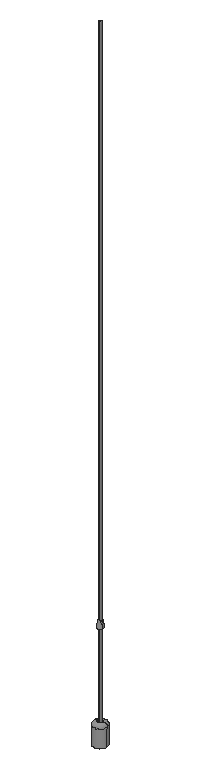
Revit family "Koura 500", category Lighting Fixtures, host Ceiling, Revit 2017
Family settings
  Host = Ceiling
  Round Connector Dimension = Use Diameter
  Part Type = Normal
  OmniClass Number = 23.80.70.11
  OmniClass Title = Luminaries for Internal Lighting
  Always vertical = Yes
  Cut with Voids When Loaded = No
  Light Source = Yes
  Shared = No
  Room Calculation Point = No
Parameters (values of type "Generic")
  Wattage Comments = "Max. 60 Watts. 110V(US) / 230-240V(EU). Lamp NOT provided."
  Wattage = 6.7321 W
  built-in parameter 1150110 = 1 (stored number, unit not read)
  URL = "https://www.davidtrubridge.com"
  Type Comments = "Ceilig Rose required, contact supplier for options."
  built-in parameter 1114217 = 1 (stored number, unit not read)
  built-in parameter 1150109 = 1 (stored number, unit not read)
  built-in parameter 1150134 = (empty or 0)
  Suspension Top [instance] = Suspension Lamp - 365 mm  # 1635 mm
  built-in parameter 1150113 = 1 (stored number, unit not read)
  Model = "Koura 500"
  Manufacturer = "David Trubridge"
  Lumens = 1000 lm
  built-in parameter 1150115 = 1 (stored number, unit not read)
  built-in parameter 1150105 = 79.577 (stored number, unit not read)
  Suspension Lamp [instance] = 2000 mm
  Light Source Symbol Size = 200 mm
  built-in parameter 1150137 = (empty or 0)
  built-in parameter 1150139 = (empty or 0)
  Lamp Wattage = 0 W
  built-in parameter 1150112 = 1 (stored number, unit not read)
  built-in parameter 1150114 = 1 (stored number, unit not read)
  Lamp = "E14 (EU) / E26 (USA)"
  built-in parameter 1150132 = 2
  built-in parameter 1150102 = (empty or 0)
  built-in parameter 1150138 = (empty or 0)
  built-in parameter 1150107 = 3000 (stored number, unit not read)
  built-in parameter 1150106 = 0.79577 (stored number, unit not read)
  built-in parameter 1150104 = 13.8 (stored number, unit not read)
  Dimming Lamp Color Temperature Shift = <None>
  Description = "Pendant in bamboo plywood. Can be made in a large range of colours. Lamp is not supplied"
  Cordset Material = Plastic, Opaque White
  Color Filter = 16777215
  built-in parameter 1114218 = 1 (stored number, unit not read)
  built-in parameter 1150133 = 10 (stored number, unit not read)
  Apparent Load = 0 VA
Reference planes
  plane 1 "Light Source Axis (F/B)": y = 0
  plane 2: z = 0
  plane 3 "Light Source Axis (L/R)": x = 0
  plane 4 "Ceiling": z = 4000
  plane 5 "Light Source Elevation": z = 2000
  plane 6 "Top of pendant": z = 2365
  plane 7 "Light Socket": z = 2050
  plane 8 "Outer edge": x = -150
  plane 9 "Outer Edge": x = 150
  plane 10 "Bottom of Pendant": z = 1855
Forms (mm)
  Revolve 1, solid, material "Plastic, Opaque White" <- "Cordset Material"
    sketch origin (0, 0, -205) x (1, 0, 0) y (0, 0, 1)
      loop
        line (0, 2317) -> (0, 2255) -> (20, 2255) -> (20, 2307)
        arc (20, 2307) -> (17.071, 2314.071) -> (10, 2317) r 10
        line (10, 2317) -> (0, 2317)
      axis (0, 2255) -> (0, 2317)
    angle from 0 to 360
  Extrusion 2, solid, material "Plastic, Opaque White" <- "Cordset Material"
    sketch origin (0, 0, 3200) x (0, 1, 0) y (-1, 0, 0)
      loop
        circle (0, 0) r 3
    from -835 to 800
  Extrusion 3, solid, material "Plastic, Opaque White" <- "Cordset Material"
    sketch origin (0, 0, 3200) x (0, 1, 0) y (-1, 0, 0)
      loop
        circle (0, 0) r 3
    from -1150 to -835
  Revolve 4, solid, material "Plastic, Opaque White" <- "Cordset Material"
    sketch origin (0, 0, -40) x (1, 0, 0) y (0, 0, 1)
      loop
        line (0, 2425) -> (0, 2405) -> (7.5, 2405) -> (5, 2425) -> (0, 2425)
      axis (0, 2405) -> (0, 2425)
    angle from 0 to 360
Dimensions and locks
  equal spacing: host sketch curve, plane 3 "Light Source Axis (L/R)", host sketch curve
  equal spacing: host sketch curve, plane 1 "Light Source Axis (F/B)", host sketch curve
  host sketch curve to host sketch curve = 4000 mm  (x2)
  host ceiling to plane 4 "Ceiling" = 0 mm
  plane 4 "Ceiling" to level = 4000 mm
  "Suspension Lamp": plane 5 "Light Source Elevation" to plane 4 "Ceiling"
  locked: plane 5 "Light Source Elevation" to plane 6 "Top of pendant" at 365
  locked: plane 5 "Light Source Elevation" to plane 7 "Light Socket" at 50
  plane 9 "Outer Edge" to plane 8 "Outer edge" = 300 mm
  plane 8 "Outer edge" to plane 9 "Outer Edge" = 300 mm
  locked: plane 10 "Bottom of Pendant" to plane 6 "Top of pendant" at 510
  "Suspension Top": Revolve 4 to plane 4 "Ceiling"
  aligned and locked: plane 3 "Light Source Axis (L/R)" to imposter light
  aligned and locked: plane 1 "Light Source Axis (F/B)" to imposter light
  aligned and locked: plane 5 "Light Source Elevation" to imposter light
  aligned and locked: plane 6 "Top of pendant" to Extrusion 2
  aligned and locked: Extrusion 3 to Revolve 1
  aligned and locked: plane 7 "Light Socket" to Extrusion 3
  aligned and locked: level to plane 2
  aligned and locked: Extrusion 3 to plane 6 "Top of pendant"
  aligned and locked: Extrusion 2 to plane 4 "Ceiling"
  aligned and locked: plane 6 "Top of pendant" to import instance
  aligned and locked: plane 6 "Top of pendant" to Revolve 4 sketch curve
Automatic sketch dimensions
  Revolve 1 sketch curve to plane 3 "Light Source Axis (L/R)" = 0 mm
  plane 3 "Light Source Axis (L/R)" to Revolve 1 sketch curve = 0 mm
  plane 3 "Light Source Axis (L/R)" to Revolve 1 sketch curve = 10 mm
  Revolve 1 sketch curve to Revolve 1 sketch curve = 20 mm
  Revolve 1 sketch curve to plane 5 "Light Source Elevation" = 50 mm
  Revolve 1 sketch curve to Revolve 1 sketch curve = 52 mm
  Revolve 1 sketch curve to level = 563.228 mm
  Revolve 1 sketch curve to plane 4 "Ceiling" = 157.185 mm
  plane 1 "Light Source Axis (F/B)" to Extrusion 2 sketch curve = 0 mm
  Extrusion 2 sketch curve to plane 3 "Light Source Axis (L/R)" = 0 mm
  plane 1 "Light Source Axis (F/B)" to Extrusion 3 sketch curve = 0 mm
  Extrusion 3 sketch curve to plane 3 "Light Source Axis (L/R)" = 0 mm
  Revolve 4 sketch curve to plane 3 "Light Source Axis (L/R)" = 0 mm  (x2)
  plane 3 "Light Source Axis (L/R)" to Revolve 4 sketch curve = 5 mm
  plane 3 "Light Source Axis (L/R)" to Revolve 4 sketch curve = 7.5 mm
  Revolve 4 sketch curve to plane 6 "Top of pendant" = 20 mm
  Revolve 4 sketch curve to level = 344.8 mm
  plane 4 "Ceiling" to Revolve 4 sketch curve = 40 mm
  radius of Extrusion 2 sketch curve = 3 mm
  radius of Extrusion 3 sketch curve = 3 mm
Connectors
  electrical at (0, 0, 4000)
    settings: index 1, voltage 0 V, apparent load 0 VA, apparent load phase1 0 VA, apparent load phase2 0 VA, apparent load phase3 0 VA, power factor 1, load classification "Other", number of poles 1, system type 30, power factor state 0, is connector primary yes, connector utility no, sub classification motor no, connector description ""
